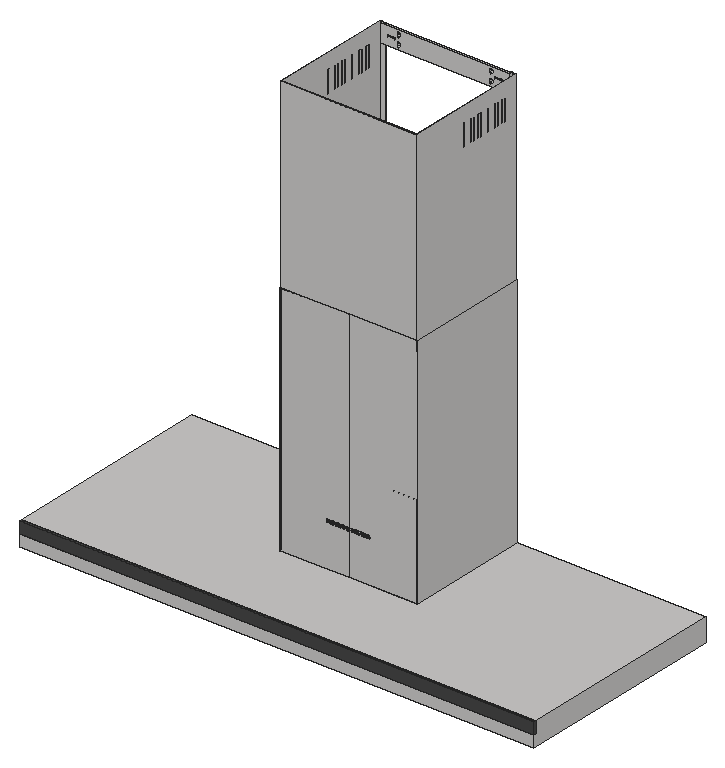
Revit family "FP_Revit_18_HC120DCXB3_Rangehood_90001858A", category Specialty Equipment, Revit 2018
Family settings
  Round Connector Dimension = Use Diameter
  Part Type = Normal
  OmniClass Number = 23.40.40.00
  OmniClass Title = Food Service Equipment and Furnishings
  Work Plane-Based = No
  Always vertical = Yes
  Cut with Voids When Loaded = Yes
  Shared = No
  Room Calculation Point = No
Parameters
  Visibility - Upper Chimney Extension [instance] = yes
  URL = "www.fisherpaykel.com"
  Product - Width = 899 mm  # constant formula
  Product - Height (595mm - 1035mm) [instance] = 1035 mm
  Product - Depth = 500 mm  # constant formula
  Model = "HC120DCXB3"
  Material - Display Panel = Fisher & Paykel - Black
  Material - Body = Fisher & Paykel - Stainless Steel
  Manufacturer = "Fisher & Paykel Appliances"
  FFL Offset [instance] = 1565 mm
  Description = "120cm Rangehood"
  Connector Description - Extraction = "150mm Semi Rigid Rangehood Ducting, 780m³/hr"
  Connector Description - Electrical = "220-240 V, 50 Hz, 248 W"
  Chassis - Width = 320 mm  # constant formula
  Chassis - Height = 604 mm  # constant formula
  Chassis - Depth = 291 mm  # constant formula
Reference planes
  plane 1 "Datum": y = 0
  plane 2: z = 0
  plane 3 "Center (Left/Right)": x = 0
  plane 4 "Product - Height": z = 2600
  plane 5 "Product LHS": x = -599
  plane 6 "Product RHS": x = 599
  plane 7 "Product - Depth": y = -500
  plane 8 "Cavity LHS": x = -160
  plane 9 "Cavity RHS": x = 160
  plane 10 "Chassis - Depth": y = -291
  plane 11 "FFL Offset": z = 1565
Forms (mm)
  Extrusion 1, solid, material "Fisher & Paykel - Stainless Steel" <- "Material - Body"
    sketch origin (0, 0, 0) x (1, 0, 0) y (0, 1, 0)
      loop
        line (-145, 0) -> (-160, 0) -> (-160, -291) -> (0, -291) -> (160, -291) -> (160, 0) -> (145, 0) -> (145, -1) -> (159, -1) -> (159, -290) -> (-159, -290) -> (-159, -1) -> (-145, -1) -> (-145, 0)
    from 1620 to 2169
  Extrusion 2, solid, material "Fisher & Paykel - Stainless Steel" <- "Material - Body", visible <- "Visibility - Upper Chimney Extension"
    sketch origin (0, 0, 0) x (1, 0, 0) y (0, 1, 0)
      loop
        line (-158, -3) -> (-145, -3) -> (-145, -2) -> (-159, -2) -> (-159, -290) -> (159, -290) -> (159, -2) -> (145, -2) -> (145, -3) -> (158, -3) -> (158, -289.044) -> (-158, -289.044) -> (-158, -3)
    from 2149 to 2600
  Extrusion 3, solid, material "Fisher & Paykel - Stainless Steel" <- "Material - Body"
    sketch origin (0, 0, 0) x (1, 0, 0) y (0, 1, 0)
      loop
        line (-599, 0) -> (-599, -500) -> (599, -500) -> (599, 0) -> (-599, 0)
    from 1565 to 1620
  Extrusion 4, void
    sketch origin (0, 0, 0) x (0, 1, 0) y (0, 0, 1)
      loop
        line (-500, 1620) -> (-500, 1592.5) -> (-495, 1592.5) -> (-495, 1620) -> (-500, 1620)
    from -599 to 599
  Extrusion 5, solid, material "Fisher & Paykel - Black" <- "Material - Display Panel", detail levels medium+fine
    sketch origin (0, 0, 1000) x (0, 1, 0) y (0, 0, 1)
      loop
        line (-495, 592.5) -> (-495, 620) -> (-500, 620) -> (-500, 592.5) -> (-495, 592.5)
    from -599 to 599
  Extrusion 6, solid, material "Fisher & Paykel - Stainless Steel" <- "Material - Body"
    sketch origin (0, 0, 0) x (1, 0, 0) y (0, 1, 0)
      loop
        line (159, -1) -> (-159, -1) -> (-159, -290) -> (159, -290) -> (159, -1)
    from 1620 to 1838
  Extrusion 7, solid, material "Fisher & Paykel - Stainless Steel" <- "Material - Body"
    sketch origin (0, 0, 0) x (1, 0, 0) y (0, 1, 0)
      loop
        circle (0, -105) r 75
      loop
        circle (0, -105) r 73
    from 1838 to 1970.269
  Extrusion 8, solid, material "Fisher & Paykel - Stainless Steel" <- "Material - Body"
    sketch origin (0, 0, 0) x (1, 0, 0) y (0, 0, 1)
      loop
        line (-145, 1860) -> (-145, 1838) -> (145, 1838) -> (145, 1860) -> (-145, 1860)
      loop
        line (-127.5, 1851) -> (-127.5, 1849.33)
        arc (-127.5, 1849.33) -> (-125, 1840) -> (-122.5, 1849.33) r 5
        line (-122.5, 1849.33) -> (-122.5, 1851)
        arc (-122.5, 1851) -> (-125, 1853.5) -> (-127.5, 1851) r 2.5
      loop
        line (122.5, 1851) -> (122.5, 1849.33)
        arc (122.5, 1849.33) -> (125, 1840) -> (127.5, 1849.33) r 5
        line (127.5, 1849.33) -> (127.5, 1851)
        arc (127.5, 1851) -> (125, 1853.5) -> (122.5, 1851) r 2.5
    from 0 to 2
  Extrusion 9, solid, material "Fisher & Paykel - Stainless Steel" <- "Material - Body", visible <- "Visibility - Upper Chimney Extension"
    sketch origin (0, 0, 0) x (1, 0, 0) y (0, 0, 1)
      loop
        line (-150, 2558.811) -> (150, 2558.811) -> (150, 2600) -> (-150, 2600) -> (-150, 2558.811)
      loop
        line (104, 2592.5) -> (104, 2588.5)
        arc (104, 2588.5) -> (108, 2584.5) -> (112, 2588.5) r 4
        line (112, 2588.5) -> (112, 2592.5)
        arc (112, 2592.5) -> (108, 2596.5) -> (104, 2592.5) r 4
      loop
        arc (112, 2571.5) -> (108, 2575.5) -> (104, 2571.5) r 4
        line (104, 2571.5) -> (104, 2566.794)
        arc (104, 2566.794) -> (108, 2563.544) -> (112, 2566.794) r 4.087
        line (112, 2566.794) -> (112, 2571.5)
      loop
        arc (117.5, 2582.5) -> (115, 2580) -> (117.5, 2577.5) r 2.5
        line (117.5, 2577.5) -> (132.5, 2577.5)
        arc (132.5, 2577.5) -> (135, 2580) -> (132.5, 2582.5) r 2.5
        line (132.5, 2582.5) -> (117.5, 2582.5)
      loop
        arc (-104, 2592.5) -> (-108, 2596.5) -> (-112, 2592.5) r 4
        line (-112, 2592.5) -> (-112, 2588.5)
        arc (-112, 2588.5) -> (-108, 2584.5) -> (-104, 2588.5) r 4
        line (-104, 2588.5) -> (-104, 2592.5)
      loop
        line (-112, 2571.5) -> (-112, 2566.794)
        arc (-112, 2566.794) -> (-108, 2563.544) -> (-104, 2566.794) r 4.087
        line (-104, 2566.794) -> (-104, 2571.5)
        arc (-104, 2571.5) -> (-108, 2575.5) -> (-112, 2571.5) r 4
      loop
        line (-117.5, 2582.5) -> (-132.5, 2582.5)
        arc (-132.5, 2582.5) -> (-135, 2580) -> (-132.5, 2577.5) r 2.5
        line (-132.5, 2577.5) -> (-117.5, 2577.5)
        arc (-117.5, 2577.5) -> (-115, 2580) -> (-117.5, 2582.5) r 2.5
    from 3 to 9
  Extrusion 10, void
    sketch origin (0, 0, 0) x (0, 1, 0) y (0, 0, 1)
      loop
        line (-157, 2564.417) -> (-157, 2514.417)
        arc (-157, 2514.417) -> (-154.5, 2511.917) -> (-152, 2514.417) r 2.5
        line (-152, 2514.417) -> (-152, 2564.417)
        arc (-152, 2564.417) -> (-154.5, 2566.917) -> (-157, 2564.417) r 2.5
      loop
        line (-147, 2564.417) -> (-147, 2514.417)
        arc (-147, 2514.417) -> (-144.5, 2511.917) -> (-142, 2514.417) r 2.5
        line (-142, 2514.417) -> (-142, 2564.417)
        arc (-142, 2564.417) -> (-144.5, 2566.917) -> (-147, 2564.417) r 2.5
      loop
        line (-137, 2564.417) -> (-137, 2514.417)
        arc (-137, 2514.417) -> (-134.5, 2511.917) -> (-132, 2514.417) r 2.5
        line (-132, 2514.417) -> (-132, 2564.417)
        arc (-132, 2564.417) -> (-134.5, 2566.917) -> (-137, 2564.417) r 2.5
      loop
        line (-127, 2564.417) -> (-127, 2514.417)
        arc (-127, 2514.417) -> (-124.5, 2511.917) -> (-122, 2514.417) r 2.5
        line (-122, 2514.417) -> (-122, 2564.417)
        arc (-122, 2564.417) -> (-124.5, 2566.917) -> (-127, 2564.417) r 2.5
      loop
        line (-117, 2564.417) -> (-117, 2514.417)
        arc (-117, 2514.417) -> (-114.5, 2511.917) -> (-112, 2514.417) r 2.5
        line (-112, 2514.417) -> (-112, 2564.417)
        arc (-112, 2564.417) -> (-114.5, 2566.917) -> (-117, 2564.417) r 2.5
      loop
        line (-107, 2564.417) -> (-107, 2514.417)
        arc (-107, 2514.417) -> (-104.5, 2511.917) -> (-102, 2514.417) r 2.5
        line (-102, 2514.417) -> (-102, 2564.417)
        arc (-102, 2564.417) -> (-104.5, 2566.917) -> (-107, 2564.417) r 2.5
      loop
        line (-97, 2564.417) -> (-97, 2514.417)
        arc (-97, 2514.417) -> (-94.5, 2511.917) -> (-92, 2514.417) r 2.5
        line (-92, 2514.417) -> (-92, 2564.417)
        arc (-92, 2564.417) -> (-94.5, 2566.917) -> (-97, 2564.417) r 2.5
      loop
        line (-87, 2564.417) -> (-87, 2514.417)
        arc (-87, 2514.417) -> (-84.5, 2511.917) -> (-82, 2514.417) r 2.5
        line (-82, 2514.417) -> (-82, 2564.417)
        arc (-82, 2564.417) -> (-84.5, 2566.917) -> (-87, 2564.417) r 2.5
      loop
        line (-77, 2564.417) -> (-77, 2514.417)
        arc (-77, 2514.417) -> (-74.5, 2511.917) -> (-72, 2514.417) r 2.5
        line (-72, 2514.417) -> (-72, 2564.417)
        arc (-72, 2564.417) -> (-74.5, 2566.917) -> (-77, 2564.417) r 2.5
      loop
        line (-67, 2564.417) -> (-67, 2514.417)
        arc (-67, 2514.417) -> (-64.5, 2511.917) -> (-62, 2514.417) r 2.5
        line (-62, 2514.417) -> (-62, 2564.417)
        arc (-62, 2564.417) -> (-64.5, 2566.917) -> (-67, 2564.417) r 2.5
      loop
        line (-57, 2564.417) -> (-57, 2514.417)
        arc (-57, 2514.417) -> (-54.5, 2511.917) -> (-52, 2514.417) r 2.5
        line (-52, 2514.417) -> (-52, 2564.417)
        arc (-52, 2564.417) -> (-54.5, 2566.917) -> (-57, 2564.417) r 2.5
      loop
        line (-47, 2564.417) -> (-47, 2514.417)
        arc (-47, 2514.417) -> (-44.5, 2511.917) -> (-42, 2514.417) r 2.5
        line (-42, 2514.417) -> (-42, 2564.417)
        arc (-42, 2564.417) -> (-44.5, 2566.917) -> (-47, 2564.417) r 2.5
      loop
        line (-37, 2564.417) -> (-37, 2514.417)
        arc (-37, 2514.417) -> (-34.5, 2511.917) -> (-32, 2514.417) r 2.5
        line (-32, 2514.417) -> (-32, 2564.417)
        arc (-32, 2564.417) -> (-34.5, 2566.917) -> (-37, 2564.417) r 2.5
    from -159 to 159
  Extrusion 11, solid, material "Fisher & Paykel - Stainless Steel" <- "Material - Body"
    sketch origin (0, 0, 0) x (1, 0, 0) y (0, 0, 1)
      loop
        line (145, 2141) -> (-145, 2141) -> (-145, 2101) -> (145, 2101) -> (145, 2141)
      loop
        line (125, 2123.5) -> (110, 2123.5)
        arc (110, 2123.5) -> (107.5, 2121) -> (110, 2118.5) r 2.5
        line (110, 2118.5) -> (125, 2118.5)
        arc (125, 2118.5) -> (127.5, 2121) -> (125, 2123.5) r 2.5
      loop
        line (-110, 2123.5) -> (-125, 2123.5)
        arc (-125, 2123.5) -> (-127.5, 2121) -> (-125, 2118.5) r 2.5
        line (-125, 2118.5) -> (-110, 2118.5)
        arc (-110, 2118.5) -> (-107.5, 2121) -> (-110, 2123.5) r 2.5
    from 2 to 9
  Extrusion 12, void
    sketch origin (0, 0, 0) x (1, 0, 0) y (0, 1, 0)
      loop
        line (-516, -400) -> (516.834, -400) -> (516.834, -83) -> (-516, -83) -> (-516, -400)
      loop
        circle (115, -45) r 25
      loop
        circle (-115, -45) r 25
    from 1565 to 1574
  Extrusion 13, solid, material "Fisher & Paykel - Stainless Steel" <- "Material - Body", detail levels fine
    sketch origin (0, 0, 0) x (1, 0, 0) y (0, 1, 0)
      loop
        line (516, -83) -> (258.469, -83) -> (258.469, -400) -> (516, -400) -> (516, -83)
      loop
        line (267, -391) -> (368.5, -391) -> (368.5, -347) -> (405.5, -347) -> (405.5, -391) -> (507, -391) -> (507, -92) -> (267, -92) -> (267, -391)
      loop
        line (397.5, -357.5) -> (376.5, -357.5) -> (376.5, -391) -> (397.5, -391) -> (397.5, -357.5)
      loop
        line (376.9, -364.5) -> (376.9, -390.562) -> (397.1, -390.562) -> (397.1, -364.5) -> (376.9, -364.5)
      loop
        line (258.001, -83) -> (0.47, -83) -> (0.47, -400) -> (258.001, -400) -> (258.001, -83)
      loop
        line (9.001, -391) -> (110.501, -391) -> (110.501, -347) -> (147.501, -347) -> (147.501, -391) -> (249.001, -391) -> (249.001, -92) -> (9.001, -92) -> (9.001, -391)
      loop
        line (139.501, -357.5) -> (118.501, -357.5) -> (118.501, -391) -> (139.501, -391) -> (139.501, -357.5)
      loop
        line (118.901, -364.5) -> (118.901, -390.562) -> (139.101, -390.562) -> (139.101, -364.5) -> (118.901, -364.5)
      loop
        line (-516, -83) -> (-516, -400) -> (-258.469, -400) -> (-258.469, -83) -> (-516, -83)
      loop
        line (-267, -391) -> (-267, -92) -> (-507, -92) -> (-507, -391) -> (-405.5, -391) -> (-405.5, -347) -> (-368.5, -347) -> (-368.5, -391) -> (-267, -391)
      loop
        line (-397.5, -357.5) -> (-397.5, -391) -> (-376.5, -391) -> (-376.5, -357.5) -> (-397.5, -357.5)
      loop
        line (-376.9, -364.5) -> (-397.1, -364.5) -> (-397.1, -390.562) -> (-376.9, -390.562) -> (-376.9, -364.5)
      loop
        line (-258.001, -83) -> (-258.001, -400) -> (-0.47, -400) -> (-0.47, -83) -> (-258.001, -83)
      loop
        line (-9.001, -391) -> (-9.001, -92) -> (-249.001, -92) -> (-249.001, -391) -> (-147.501, -391) -> (-147.501, -347) -> (-110.501, -347) -> (-110.501, -391) -> (-9.001, -391)
      loop
        line (-139.501, -357.5) -> (-139.501, -391) -> (-118.501, -391) -> (-118.501, -357.5) -> (-139.501, -357.5)
      loop
        line (-118.901, -364.5) -> (-139.101, -364.5) -> (-139.101, -390.562) -> (-118.901, -390.562) -> (-118.901, -364.5)
    from 1565 to 1574
  Extrusion 14, solid, material "Fisher & Paykel - Aluminium", detail levels medium+fine
    sketch origin (0, 0, 0) x (1, 0, 0) y (0, 1, 0)
      loop
        line (507, -92) -> (267, -92) -> (267, -391) -> (368.5, -391) -> (368.5, -347) -> (405.5, -347) -> (405.5, -391) -> (507, -391) -> (507, -92)
      loop
        line (249.001, -92) -> (9.001, -92) -> (9.001, -391) -> (110.501, -391) -> (110.501, -347) -> (147.501, -347) -> (147.501, -391) -> (249.001, -391) -> (249.001, -92)
      loop
        line (-507, -92) -> (-507, -391) -> (-405.5, -391) -> (-405.5, -347) -> (-368.5, -347) -> (-368.5, -391) -> (-267, -391) -> (-267, -92) -> (-507, -92)
      loop
        line (-249.001, -92) -> (-249.001, -391) -> (-147.501, -391) -> (-147.501, -347) -> (-110.501, -347) -> (-110.501, -391) -> (-9.001, -391) -> (-9.001, -92) -> (-249.001, -92)
    from 1565 to 1572
  Extrusion 15, solid, material "Fisher & Paykel - Bezel White", detail levels fine
    sketch origin (0, 0, 0) x (1, 0, 0) y (0, 1, 0)
      loop
        circle (115, -45) r 22
      loop
        circle (-115, -45) r 22
    from 1565 to 1572
  Extrusion 16, solid, material "Fisher & Paykel - Stainless Steel" <- "Material - Body", detail levels fine
    sketch origin (0, 0, 0) x (1, 0, 0) y (0, 1, 0)
      loop
        circle (115, -45) r 22
      loop
        circle (115, -45) r 25
      loop
        circle (-115, -45) r 22
      loop
        circle (-115, -45) r 25
    from 1566 to 1574
  Extrusion 17, solid, material "Fisher & Paykel - Stainless Steel" <- "Material - Body", detail levels medium+fine
    sketch origin (0, 0, 0) x (1, 0, 0) y (0, 1, 0)
      loop
        circle (101, -15) r 4
    from 1838 to 1970.269
Cuts and joins
  Extrusion 4, Extrusion 12 cuts Extrusion 3
  Extrusion 10 cuts Extrusion 2
Text (mm)
  text "Due to ongoing product development, product details are subject to change without notice. \nPlease always refer to www.fisherpaykel.com for the most current product information. \n© Fisher & Paykel 2020" at (41.04, -1225.549, 0), in view "Ref. Level (Plan)"
Dimensions and locks
  equal spacing: plane 5 "Product LHS", plane 3 "Center (Left/Right)", plane 6 "Product RHS"
  equal spacing: plane 8 "Cavity LHS", plane 3 "Center (Left/Right)", plane 9 "Cavity RHS"
  "Chassis - Width": plane 8 "Cavity LHS" to plane 9 "Cavity RHS"
  locked: Extrusion 1 sketch curve to Extrusion 1 sketch curve at 1  (x3)
  locked: Extrusion 2 to Extrusion 2 at 451
  "Product - Depth": plane 7 "Product - Depth" to plane 1 "Datum"
  "FFL Offset": plane 11 "FFL Offset" to level
  Extrusion 9 sketch curve to plane 4 "Product - Height" = 41.189 mm
  Extrusion 9 sketch curve to plane 4 "Product - Height" = 17.5 mm
  "Chassis - Height": Extrusion 1 to plane 11 "FFL Offset"
  plane 11 "FFL Offset" to Extrusion 8 sketch curve = 295 mm
  locked: Extrusion 7 to plane 11 "FFL Offset" at 405.269
  locked: cut or joined group of Extrusion 3, Extrusion 4, Extrusion 12 to plane 11 "FFL Offset" at 9
  locked: Extrusion 14 to plane 11 "FFL Offset" at 7
  locked: Extrusion 5 to plane 11 "FFL Offset" at 27.5
  locked: plane 11 "FFL Offset" to nested 1 at 153
  "Product - Height (595mm - 1035mm)": plane 4 "Product - Height" to plane 11 "FFL Offset"
  locked: cut or joined group of Extrusion 3, Extrusion 4, Extrusion 12 to Extrusion 16 at 1
  locked: Extrusion 6 to plane 11 "FFL Offset" at 273
  "Chassis - Depth": plane 1 "Datum" to plane 10 "Chassis - Depth"
  locked: cut or joined group of Extrusion 3, Extrusion 4, Extrusion 12 to plane 11 "FFL Offset" at 55
  locked: Extrusion 9 to plane 4 "Product - Height" at 41.189
  locked: plane 11 "FFL Offset" to Extrusion 11 at 536
  locked: plane 11 "FFL Offset" to Extrusion 11 at 576
  aligned and locked: level to plane 2
  aligned and locked: Extrusion 1 sketch curve to plane 8 "Cavity LHS"
  aligned and locked: plane 9 "Cavity RHS" to Extrusion 1 sketch curve
  aligned and locked: plane 1 "Datum" to Extrusion 1 sketch curve  (x2)
  aligned and locked: plane 10 "Chassis - Depth" to Extrusion 1 sketch curve
  aligned and locked: plane 6 "Product RHS" to Extrusion 3 sketch curve
  aligned and locked: plane 1 "Datum" to Extrusion 3 sketch curve
  aligned and locked: Extrusion 3 sketch curve to plane 5 "Product LHS"
  aligned and locked: Extrusion 3 sketch curve to plane 7 "Product - Depth"
  aligned and locked: plane 7 "Product - Depth" to Extrusion 4 sketch curve
  aligned and locked: Extrusion 4 sketch curve to cut or joined group of Extrusion 3, Extrusion 4, Extrusion 12
  aligned and locked: Extrusion 4 to plane 6 "Product RHS"
  aligned and locked: plane 5 "Product LHS" to Extrusion 4
  aligned and locked: cut or joined group of Extrusion 3, Extrusion 4, Extrusion 12 to Extrusion 5
  aligned and locked: Extrusion 5 to cut or joined group of Extrusion 3, Extrusion 4, Extrusion 12
  aligned and locked: Extrusion 1 to Extrusion 6
  aligned and locked: Extrusion 7 to Extrusion 6
  aligned and locked: plane 4 "Product - Height" to Extrusion 2
  aligned and locked: Extrusion 10 to Extrusion 1  (x2)
  aligned and locked: plane 4 "Product - Height" to Extrusion 9
  aligned and locked: Extrusion 9 sketch curve to Extrusion 9 sketch curve
  aligned and locked: Extrusion 3 to plane 11 "FFL Offset"
  aligned and locked: Extrusion 6 to cut or joined group of Extrusion 3, Extrusion 4, Extrusion 12
  aligned and locked: Extrusion 3 to Extrusion 12
  aligned and locked: cut or joined group of Extrusion 3, Extrusion 4, Extrusion 12 to Extrusion 13  (x2)
  aligned and locked: cut or joined group of Extrusion 3, Extrusion 4, Extrusion 12 to Extrusion 14
  aligned and locked: Extrusion 15 to Extrusion 14
  aligned and locked: cut or joined group of Extrusion 3, Extrusion 4, Extrusion 12 to Extrusion 15
  aligned and locked: Extrusion 4 to Extrusion 5
  aligned and locked: Extrusion 1 to Extrusion 5
  aligned and locked: Extrusion 16 to cut or joined group of Extrusion 3, Extrusion 4, Extrusion 12
  aligned and locked: Extrusion 17 to Extrusion 6
  aligned and locked: Extrusion 17 to Extrusion 7
  aligned and locked: cut or joined group of Extrusion 2, Extrusion 10 to Extrusion 9
Automatic sketch dimensions
  Extrusion 1 sketch curve to plane 3 "Center (Left/Right)" = 0 mm
  plane 1 "Datum" to Extrusion 1 sketch curve = 1 mm  (x2)
  Extrusion 1 sketch curve to Extrusion 1 sketch curve = 14 mm
  plane 9 "Cavity RHS" to Extrusion 1 sketch curve = 15 mm
  plane 7 "Product - Depth" to Extrusion 4 sketch curve = 5 mm
  level to Extrusion 4 sketch curve = 1592.5 mm
  Extrusion 5 sketch curve to Extrusion 5 sketch curve = 27.5 mm
  Extrusion 6 sketch curve to plane 8 "Cavity LHS" = 1 mm
  plane 9 "Cavity RHS" to Extrusion 6 sketch curve = 1 mm
  plane 10 "Chassis - Depth" to Extrusion 6 sketch curve = 1 mm
  plane 1 "Datum" to Extrusion 6 sketch curve = 1 mm
  Extrusion 2 sketch curve to plane 8 "Cavity LHS" = 1 mm
  Extrusion 2 sketch curve to Extrusion 2 sketch curve = 1 mm  (x3)
  plane 1 "Datum" to Extrusion 2 sketch curve = 3 mm  (x2)
  Extrusion 2 sketch curve to Extrusion 2 sketch curve = 13 mm
  plane 9 "Cavity RHS" to Extrusion 2 sketch curve = 15 mm
  plane 9 "Cavity RHS" to Extrusion 2 sketch curve = 2 mm
  plane 9 "Cavity RHS" to Extrusion 2 sketch curve = 1 mm
  plane 10 "Chassis - Depth" to Extrusion 2 sketch curve = 1.956 mm
  plane 10 "Chassis - Depth" to Extrusion 2 sketch curve = 1 mm
  Extrusion 10 sketch curve to plane 4 "Product - Height" = 85.583 mm  (x2)
  plane 1 "Datum" to Extrusion 10 sketch curve = 157 mm
  Extrusion 10 sketch curve to Extrusion 10 sketch curve = 2.5 mm  (x13)
  Extrusion 10 sketch curve to Extrusion 10 sketch curve = 5 mm  (x12)
  Extrusion 10 sketch curve to Extrusion 10 sketch curve = 0 mm  (x23)
  Extrusion 10 sketch curve to plane 4 "Product - Height" = 35.583 mm
  Extrusion 11 sketch curve to plane 5 "Product LHS" = 454 mm
  Extrusion 11 sketch curve to Extrusion 11 sketch curve = 20 mm  (x2)
  Extrusion 11 sketch curve to Extrusion 11 sketch curve = 15 mm  (x2)
  Extrusion 11 sketch curve to plane 8 "Cavity LHS" = 270 mm
  Extrusion 11 sketch curve to Extrusion 11 sketch curve = 17.5 mm  (x3)
  Extrusion 11 sketch curve to Extrusion 11 sketch curve = 2.5 mm  (x2)
  Extrusion 5 sketch curve to Extrusion 5 sketch curve = 5 mm
  Extrusion 5 sketch curve to plane 7 "Product - Depth" = 0 mm
  plane 11 "FFL Offset" to Extrusion 5 sketch curve = 27.5 mm
  Extrusion 15 sketch curve to plane 8 "Cavity LHS" = 45 mm
  plane 9 "Cavity RHS" to Extrusion 15 sketch curve = 45 mm
  plane 1 "Datum" to Extrusion 15 sketch curve = 45 mm  (x2)
  Extrusion 12 sketch curve to plane 5 "Product LHS" = 83 mm
  Extrusion 12 sketch curve to plane 8 "Cavity LHS" = 45 mm
  plane 9 "Cavity RHS" to Extrusion 12 sketch curve = 45 mm
  plane 6 "Product RHS" to Extrusion 12 sketch curve = 82.166 mm
  plane 7 "Product - Depth" to Extrusion 12 sketch curve = 100 mm
  plane 1 "Datum" to Extrusion 12 sketch curve = 83 mm
  plane 1 "Datum" to Extrusion 12 sketch curve = 45 mm  (x2)
  Extrusion 16 sketch curve to Extrusion 16 sketch curve = 0 mm  (x4)
  Extrusion 16 sketch curve to plane 8 "Cavity LHS" = 45 mm
  plane 9 "Cavity RHS" to Extrusion 16 sketch curve = 45 mm
  plane 1 "Datum" to Extrusion 16 sketch curve = 45 mm  (x2)
  Extrusion 7 sketch curve to Extrusion 7 sketch curve = 0 mm  (x2)
  Extrusion 7 sketch curve to plane 3 "Center (Left/Right)" = 0 mm
  plane 1 "Datum" to Extrusion 7 sketch curve = 105 mm
  Extrusion 8 sketch curve to plane 8 "Cavity LHS" = 15 mm
  Extrusion 8 sketch curve to Extrusion 8 sketch curve = 17.5 mm
  Extrusion 8 sketch curve to Extrusion 8 sketch curve = 2.5 mm  (x4)
  plane 9 "Cavity RHS" to Extrusion 8 sketch curve = 37.5 mm
  plane 9 "Cavity RHS" to Extrusion 8 sketch curve = 15 mm
  Extrusion 8 sketch curve to Extrusion 8 sketch curve = 9 mm  (x2)
  Extrusion 8 sketch curve to Extrusion 8 sketch curve = 1.67 mm  (x2)
  Extrusion 8 sketch curve to Extrusion 8 sketch curve = 4.33 mm  (x2)
  Extrusion 8 sketch curve to Extrusion 8 sketch curve = 11.33 mm
  plane 1 "Datum" to Extrusion 17 sketch curve = 15 mm
  plane 9 "Cavity RHS" to Extrusion 17 sketch curve = 59 mm
  Extrusion 9 sketch curve to plane 4 "Product - Height" = 0 mm
  Extrusion 9 sketch curve to plane 8 "Cavity LHS" = 10 mm
  Extrusion 9 sketch curve to Extrusion 9 sketch curve = 17.5 mm
  Extrusion 9 sketch curve to Extrusion 9 sketch curve = 15 mm  (x2)
  Extrusion 9 sketch curve to Extrusion 9 sketch curve = 5.5 mm  (x3)
  Extrusion 9 sketch curve to Extrusion 9 sketch curve = 4 mm  (x6)
  Extrusion 9 sketch curve to Extrusion 9 sketch curve = 0 mm  (x3)
  Extrusion 9 sketch curve to plane 4 "Product - Height" = 11.5 mm
  plane 9 "Cavity RHS" to Extrusion 9 sketch curve = 56 mm
  plane 9 "Cavity RHS" to Extrusion 9 sketch curve = 10 mm
  Extrusion 9 sketch curve to Extrusion 9 sketch curve = 21.706 mm
  Extrusion 9 sketch curve to Extrusion 9 sketch curve = 15.706 mm
  Extrusion 9 sketch curve to Extrusion 9 sketch curve = 0.837 mm  (x2)
  Extrusion 9 sketch curve to Extrusion 9 sketch curve = 3.87 mm
  Extrusion 9 sketch curve to Extrusion 9 sketch curve = 4.706 mm
  Extrusion 9 sketch curve to Extrusion 9 sketch curve = 5 mm
  Extrusion 9 sketch curve to Extrusion 9 sketch curve = 2.5 mm
  Extrusion 9 sketch curve to Extrusion 9 sketch curve = 6 mm
  Extrusion 11 sketch curve to plane 4 "Product - Height" = 499 mm
  Extrusion 13 sketch curve to plane 5 "Product LHS" = 83 mm
  Extrusion 13 sketch curve to Extrusion 13 sketch curve = 9 mm  (x11)
  Extrusion 13 sketch curve to Extrusion 13 sketch curve = 101.5 mm  (x2)
  Extrusion 13 sketch curve to Extrusion 13 sketch curve = 8 mm  (x7)
  Extrusion 13 sketch curve to Extrusion 13 sketch curve = 0.4 mm  (x8)
  Extrusion 13 sketch curve to Extrusion 13 sketch curve = 20.2 mm  (x4)
  plane 8 "Cavity LHS" to Extrusion 13 sketch curve = 107 mm
  Extrusion 13 sketch curve to Extrusion 13 sketch curve = 8.531 mm  (x2)
  Extrusion 13 sketch curve to Extrusion 13 sketch curve = 0.468 mm  (x2)
  Extrusion 13 sketch curve to plane 8 "Cavity LHS" = 12.499 mm
  Extrusion 13 sketch curve to plane 3 "Center (Left/Right)" = 9.001 mm
  Extrusion 13 sketch curve to plane 3 "Center (Left/Right)" = 0.47 mm
  plane 3 "Center (Left/Right)" to Extrusion 13 sketch curve = 0.47 mm
  plane 3 "Center (Left/Right)" to Extrusion 13 sketch curve = 9.001 mm
  plane 9 "Cavity RHS" to Extrusion 13 sketch curve = 49.499 mm
  plane 9 "Cavity RHS" to Extrusion 13 sketch curve = 12.499 mm
  Extrusion 13 sketch curve to plane 9 "Cavity RHS" = 89.001 mm
  plane 6 "Product RHS" to Extrusion 13 sketch curve = 92 mm
  plane 7 "Product - Depth" to Extrusion 13 sketch curve = 100 mm  (x3)
  Extrusion 13 sketch curve to Extrusion 13 sketch curve = 0 mm  (x9)
  Extrusion 13 sketch curve to plane 10 "Chassis - Depth" = 100 mm  (x2)
  Extrusion 13 sketch curve to Extrusion 13 sketch curve = 0.438 mm  (x4)
  Extrusion 13 sketch curve to Extrusion 13 sketch curve = 26.062 mm  (x4)
  Extrusion 13 sketch curve to Extrusion 13 sketch curve = 7 mm  (x4)
  Extrusion 13 sketch curve to Extrusion 13 sketch curve = 10.5 mm  (x4)
  plane 1 "Datum" to Extrusion 13 sketch curve = 92 mm  (x3)
  Extrusion 14 sketch curve to plane 5 "Product LHS" = 92 mm
  Extrusion 14 sketch curve to Extrusion 14 sketch curve = 101.5 mm  (x3)
  Extrusion 14 sketch curve to Extrusion 14 sketch curve = 37 mm  (x3)
  Extrusion 14 sketch curve to Extrusion 14 sketch curve = 17.999 mm  (x2)
  Extrusion 14 sketch curve to plane 8 "Cavity LHS" = 12.499 mm
  Extrusion 14 sketch curve to plane 3 "Center (Left/Right)" = 9.001 mm
  plane 3 "Center (Left/Right)" to Extrusion 14 sketch curve = 9.001 mm
  plane 9 "Cavity RHS" to Extrusion 14 sketch curve = 49.499 mm
  plane 9 "Cavity RHS" to Extrusion 14 sketch curve = 12.499 mm
  Extrusion 14 sketch curve to plane 9 "Cavity RHS" = 89.001 mm
  plane 6 "Product RHS" to Extrusion 14 sketch curve = 92 mm
  Extrusion 14 sketch curve to plane 10 "Chassis - Depth" = 100 mm  (x2)
  Extrusion 14 sketch curve to Extrusion 14 sketch curve = 0 mm  (x7)
  Extrusion 14 sketch curve to Extrusion 14 sketch curve = 44 mm  (x4)
  plane 1 "Datum" to Extrusion 14 sketch curve = 92 mm  (x3)
  radius of Extrusion 15 sketch curve = 22 mm  (x2)
  radius of Extrusion 12 sketch curve = 25 mm  (x2)
  radius of Extrusion 16 sketch curve = 22 mm  (x2)
  radius of Extrusion 16 sketch curve = 25 mm  (x2)
  radius of Extrusion 7 sketch curve = 73 mm
  radius of Extrusion 7 sketch curve = 75 mm
  radius of Extrusion 17 sketch curve = 4 mm
Nested families
  nested 1: "F&P Logo 100mm" at (0.236, -291, 1718.109), type "Grey"
Connectors
  hvac at (0, -105, 1970.269), driven by "Connector Description - Extraction"
    settings: on Extrusion 7, index 1, duct flow 0.0 L/s, flow factor 0, pres drop 0.0 Pa, loss coef 0, conn angle 0.00°, conn width 304.8 mm, conn height 304.8 mm, conn diameter 150 mm, duct sys type 3, conn prof type 0, flow config 0, flow direction 2, loss method 0, conn ref index -1, conn util no, is conn primary yes, conn desc "150mm Semi Rigid Rangehood Ducting, 780m³/hr"
  electrical at (101, -15, 1970.269), driven by "Connector Description - Electrical"
    settings: on Extrusion 17, index 2, voltage 230 V, apparent load 0 VA, apparent load phase1 0 VA, apparent load phase2 0 VA, apparent load phase3 0 VA, power factor 1, load classification "Other", number of poles 1, system type 30, power factor state 1, is connector primary yes, connector utility no, sub classification motor no, connector description "220-240 V, 50 Hz, 248 W"
Definition of nested family "F&P Logo 100mm"
  Parameters (values of type "Chrome")
    URL = "www.fisherpaykel.com"
    Material - Logo = none
    Manufacturer = "Fisher & Paykel Appliances"
  Types (3): name
    (no name)
    Chrome
    Grey
  Reference planes
    plane 1 "Center (Front/Back)": y = 0
    plane 2: z = 0
    plane 3 "Center (Left/Right)": x = 0
  Forms (mm)
    Extrusion 1, solid, material <- "Material - Logo", detail levels fine
      sketch origin (0, 0, 0) x (1, 0, 0) y (0, 0, 1)
        loop
          line (-50.044, 0) -> (-48.47, 0) -> (-48.47, 2.138) -> (-46.011, 2.138) -> (-46.011, 3.472) -> (-48.47, 3.472) -> (-48.47, 4.712) -> (-45.795, 4.712) -> (-45.795, 6.04) -> (-50.044, 6.04) -> (-50.044, 0)
        loop
          line (-42.804, 6.04) -> (-42.804, 0) -> (-41.23, 0) -> (-41.23, 6.04) -> (-42.804, 6.04)
        loop
          line (-30.724, 6.04) -> (-30.724, 0) -> (-29.151, 0) -> (-29.151, 2.42) -> (-26.839, 2.42) -> (-26.839, 0) -> (-25.265, 0) -> (-25.265, 6.04) -> (-26.839, 6.04) -> (-26.839, 3.748) -> (-29.151, 3.748) -> (-29.151, 6.04) -> (-30.724, 6.04)
        loop
          line (-21.906, 6.04) -> (-21.906, 0) -> (-17.602, 0) -> (-17.602, 1.328) -> (-20.347, 1.328) -> (-20.347, 2.42) -> (-17.838, 2.42) -> (-17.838, 3.748) -> (-20.347, 3.748) -> (-20.347, 4.712) -> (-17.602, 4.712) -> (-17.602, 6.04) -> (-21.906, 6.04)
        loop
          line (45.667, 6.04) -> (45.667, 0) -> (49.956, 0) -> (49.956, 1.328) -> (47.241, 1.328) -> (47.241, 6.04) -> (45.667, 6.04)
        loop
          line (42.431, 6.04) -> (38.112, 6.04) -> (38.112, 0) -> (42.431, 0) -> (42.431, 1.328) -> (39.687, 1.328) -> (39.687, 2.42) -> (42.195, 2.42) -> (42.195, 3.748) -> (39.687, 3.748) -> (39.687, 4.712) -> (42.431, 4.712) -> (42.431, 6.04)
        loop
          line (33.451, 3.148) -> (35.683, 6.04) -> (33.844, 6.04) -> (31.915, 3.542) -> (31.915, 6.04) -> (30.342, 6.04) -> (30.342, 0) -> (31.915, 0) -> (31.915, 2.705) -> (33.903, 0) -> (35.763, 0) -> (33.451, 3.148)
        loop
          line (21.98, 6.04) -> (24.262, 2.42) -> (24.262, 0) -> (25.837, 0) -> (25.837, 2.341) -> (28.119, 6.04) -> (26.446, 6.04) -> (25.099, 3.707) -> (23.753, 6.04) -> (21.98, 6.04)
        loop
          line (18.479, 6.04) -> (16.983, 6.04) -> (14.524, 0) -> (16.069, 0) -> (16.501, 1.112) -> (18.921, 1.112) -> (19.354, 0) -> (20.938, 0) -> (18.479, 6.04)
        loop
          line (18.4, 2.439) -> (17.693, 4.174) -> (17.018, 2.439) -> (18.4, 2.439)
        loop
          line (8.031, 6.04) -> (8.031, 0) -> (9.605, 0) -> (9.605, 1.938) -> (10.599, 1.938)
          arc (10.599, 1.938) -> (12.65, 3.989) -> (10.599, 6.04) r 2.051
          line (10.599, 6.04) -> (8.031, 6.04)
        loop
          line (9.605, 4.712) -> (9.605, 3.197) -> (10.501, 3.197)
          arc (10.501, 3.197) -> (11.259, 3.954) -> (10.501, 4.712) r 0.757
          line (10.501, 4.712) -> (9.605, 4.712)
        loop
          line (-11.783, 6.04) -> (-14.366, 6.04) -> (-14.366, 0) -> (-12.792, 0) -> (-12.792, 1.336) -> (-11.992, 1.336) -> (-10.972, 0) -> (-9.153, 0) -> (-10.694, 1.973)
          arc (-10.694, 1.973) -> (-9.678, 4.424) -> (-11.783, 6.04) r 2.179
        loop
          line (-11.897, 4.712) -> (-12.792, 4.712) -> (-12.792, 3.053) -> (-11.897, 3.053)
          arc (-11.897, 3.053) -> (-11.068, 3.882) -> (-11.897, 4.712) r 0.83
        loop
          line (0.477, 4.712) -> (0.477, 6.153) -> (-3.575, 6.153) -> (-3.575, 4.851) -> (-2.974, 4.112)
          arc (-2.974, 4.112) -> (-3.51, 0.684) -> (-0.045, 0.512) r 2.334
          line (-0.045, 0.512) -> (0.46, -0.109) -> (2.246, -0.109) -> (0.86, 1.594) -> (2.061, 3.324) -> (0.443, 3.324) -> (-0.013, 2.667) -> (-1.677, 4.712) -> (0.477, 4.712)
        loop
          arc (-2.125, 3.068) -> (-2.269, 1.668) -> (-0.868, 1.524) r 0.996
          line (-0.868, 1.524) -> (-2.125, 3.068)
        loop
          line (-35.18, 3.634) -> (-36.516, 3.91)
          arc (-36.516, 3.91) -> (-37.049, 4.443) -> (-36.516, 4.976) r 0.533
          arc (-36.516, 4.976) -> (-35.235, 4.79) -> (-34.059, 4.248) r 4.505
          line (-34.059, 4.248) -> (-34.059, 5.743)
          arc (-34.059, 5.743) -> (-35.549, 6.179) -> (-37.1, 6.109) r 4.726
          arc (-37.1, 6.109) -> (-38.536, 4.335) -> (-37.1, 2.561) r 1.814
          line (-37.1, 2.561) -> (-35.754, 2.282)
          arc (-35.754, 2.282) -> (-35.221, 1.749) -> (-35.754, 1.216) r 0.533
          arc (-35.754, 1.216) -> (-37.035, 1.402) -> (-38.211, 1.945) r 4.505
          line (-38.211, 1.945) -> (-38.211, 0.449)
          arc (-38.211, 0.449) -> (-36.72, 0.013) -> (-35.169, 0.083) r 4.726
          arc (-35.169, 0.083) -> (-33.734, 1.863) -> (-35.18, 3.634) r 1.814
      from 0 to 0.8
  Dimensions and locks
    aligned and locked: level to plane 2
